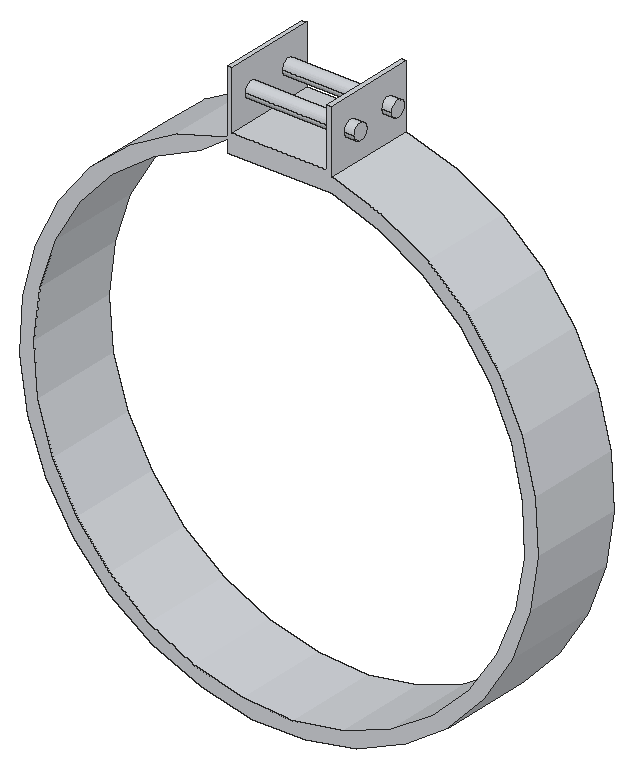
Revit family "9.Хомут SLK", category Оборудование, Revit 2016
Family settings
  Тип детали = Нормальный
  Размер круглого соединителя = Использовать диаметр
  На основе рабочей плоскости = Нет
  Всегда вертикально = Да
  При загрузке вырезать с полостями = Нет
  Общий = Нет
  Точка расчета площади = Нет
Parameters (values of type "315")
  х1 = Д * 0.24  # 79.92 mm
  середина = (Б - Д) / 2  # 18.5 mm
  отступ = 20 mm  # constant formula
  ножки(да/нет) [instance] = no
  Частотный преобразователь [instance] = no
  Тип, марка, обозначение = "SKL 315"
  Силовой кабель/количество = ""
  Сила тока J, А = ""
  Регулятор расхода [instance] = no
  Раздел = "ОВ"
  Примечание = ""
  Позиция = ""
  Напряжение U,В = ""
  Наименование и тех.хар-ка = "Хомут"  # constant formula
  Материал = Сталь серая
  Масса единицы = "0.55 кг"
  Б = 370 mm
  А = 315 mm
  Код, оборудования = ""
  Ключевая пометка = "Вентиляция"
  Задание электрикам [instance] = no
  Задание автоматчикам [instance] = no
  Завод изготовитель = "KORF"  # constant formula
  Единица измерения = "шт."  # constant formula
  Д = 333 mm
  x = Д * 0.2  # 66.6 mm
Types (6, lengths in mm): name | х1 | середина | Тип, марка, обозначение | Масса единицы | Б | А | Д | x
  100 | 28.32 | 15 | "SKL 100" | "0.24 кг" | 148 | 100 | 118 | 23.6
  160 | 42.72 | 17 | "SKL 160" | "0.32 кг" | 212 | 160 | 178 | 35.6
  200 | 52.32 | 17.5 | "SKL 200" | "0.39 кг" | 253 | 200 | 218 | 43.6
  250 | 64.32 | 18 | "SKL 250" | "0.46 кг" | 304 | 250 | 268 | 53.6
  315 | 79.92 | 18.5 | "SKL 315" | "0.55 кг" | 370 | 315 | 333 | 66.6
  125 | 34.8 | 14.5 | "SKL 125" | "0,27 кг" | 174 | 125 | 145 | 29
Reference planes
  plane 1 "По центру (Вперед/Назад)": y = 0
  plane 2: z = 0
  plane 3 "По центру (Влево/Вправо)": x = 0
  plane 4: y = 29.976
  plane 5: y = -29.976
  plane 6: x = -33.3
  plane 7: x = 33.3
  plane 8: z = 166.5
  plane 9: z = -166.5
  plane 10: z = 203.5
  plane 11: x = -30.3
  plane 12: x = 30.3
  plane 13: y = 15
  plane 14: y = -15
  plane 15: z = 185
  plane 16: x = -39.96
  plane 17: x = 39.96
Forms (mm)
  Extrusion 1, void, not visible
    sketch origin (-345, -245, 50) x (0, -1, 0) y (0, 0, -1)
      loop
        line (-477.965, -475) -> (-477.965, -450) -> (-528.913, -450) -> (-528.913, -475) -> (-477.965, -475)
    from -47.452 to 12
  Extrusion 2, solid, not visible
    sketch origin (5, 0, 2.041) x (0, 1, 0) y (0, 0, 1)
      loop
        line (45, 112.959) -> (-45, 112.959) -> (-45, 82.959) -> (45, 82.959) -> (45, 112.959)
    from 0 to -69.911
  Extrusion 3, solid, not visible
    sketch origin (5, -2.888, -8.59) x (0, 0.352122, 0.935954) y (0, -0.935954, 0.352122)
      loop
        line (45, 114.532) -> (-19.8, 114.532) -> (-19.8, 90.2) -> (45, 90.2) -> (45, 114.532)
    from 0 to -69.911
  Sweep 4, solid, not visible
    path origin (5, 0, -1.25) x (0, 1, 0) y (0, 0, 1)
      loop
        line (-45, 97.266) -> (-60.734, 97.266)
        arc (-60.734, 97.266) -> (-72.348, 93.548) -> (-79.645, 83.777) r 20
        line (-79.645, 83.777) -> (-105.929, 7.442)
    profile origin (5, -52.867, 96.016) x (0, 0, -1) y (1, 0, 0)
      loop
        circle (0, -63.75) r 3
  Extrusion 5, solid, not visible
    sketch origin (0, 0, 47.041) x (0, 1, 0) y (0, 0, 1)
      loop
        line (45, 112.959) -> (-45, 112.959) -> (-45, 82.959) -> (45, 82.959) -> (45, 112.959)
    from 0 to -93.323
  Extrusion 6, solid, not visible
    sketch origin (0, -40.257, 23.842) x (0, 0.679881, 0.733322) y (0, -0.733322, 0.679881)
      loop
        line (45, 114.532) -> (-19.8, 114.532) -> (-19.8, 90.2) -> (45, 90.2) -> (45, 114.532)
    from 0 to -93.323
  Sweep 7, solid, not visible
    path origin (0, 0, 43.75) x (0, 1, 0) y (0, 0, 1)
      loop
        line (-45, 97.266) -> (-54.952, 97.266)
        arc (-54.952, 97.266) -> (-71.221, 93.808) -> (-84.677, 84.031) r 40
        line (-84.677, 84.031) -> (-132.472, 30.95)
    profile origin (0, -49.976, 141.016) x (0, 0, -1) y (1, 0, 0)
      loop
        circle (0, -63.75) r 3
  Extrusion 8, solid
    sketch origin (0, 0, 0) x (1, 0, 0) y (0, 0, 1)
      loop
        arc (-33.3, 163.136) -> (0, -166.5) -> (33.3, 163.136) r 166.5
        line (33.3, 163.136) -> (33.3, 203.5) -> (30.3, 203.5) -> (30.3, 166.5) -> (-30.3, 166.5) -> (-30.3, 203.5) -> (-33.3, 203.5) -> (-33.3, 163.136)
      loop
        arc (-50.442, 149.204) -> (8.892, -157.249) -> (33.3, 153.939) r 157.5
        line (33.3, 153.939) -> (-33.3, 153.939) -> (-33.3, 161.966) -> (-50.442, 149.204)
    from -29.976 to 29.976
  Extrusion 9, solid
    sketch origin (0, 0, 0) x (0, 1, 0) y (0, 0, 1)
      loop
        circle (-15, 185) r 5
      loop
        circle (15, 185) r 5
    from -39.96 to 39.96
Cuts and joins
  joined: Extrusion 8, Extrusion 9
Dimensions and locks
  locked: Extrusion 3 sketch curve to Extrusion 3 sketch curve at 24.332
  locked: Extrusion 3 sketch curve to Extrusion 3 sketch curve at 64.8
  locked: Extrusion 2 sketch curve to Extrusion 2 sketch curve at 30
  locked: Extrusion 6 sketch curve to Extrusion 6 sketch curve at 24.332
  locked: Extrusion 6 sketch curve to Extrusion 6 sketch curve at 64.8
  locked: Extrusion 5 sketch curve to Extrusion 5 sketch curve at 30
  equal spacing: plane 4, plane 1 "По центру (Вперед/Назад)", plane 5
  locked: plane 5 to plane 4 at 59.951
  equal spacing: plane 7, plane 3 "По центру (Влево/Вправо)", plane 6
  "x": plane 7 to plane 6
  equal spacing: plane 8, level, plane 9
  "Д": plane 8 to plane 9
  "Б": plane 10 to plane 9
  locked: plane 11 to plane 6 at 3
  locked: plane 7 to plane 12 at 3
  equal spacing: plane 13, plane 1 "По центру (Вперед/Назад)", plane 14
  locked: plane 14 to plane 13 at 30
  "середина": plane 15 to plane 8
  equal spacing: plane 17, plane 3 "По центру (Влево/Вправо)", plane 16
  "х1": plane 17 to plane 16
  "Д": diameter of Extrusion 8 sketch curve
  "А": diameter of Extrusion 8 sketch curve
  aligned and locked: level to plane 2
  aligned and locked: plane 4 to Extrusion 8
  aligned and locked: plane 5 to Extrusion 8
  aligned and locked: plane 8 to Extrusion 8 sketch curve
  aligned and locked: plane 7 to Extrusion 8 sketch curve
  aligned and locked: plane 10 to Extrusion 8 sketch curve
  aligned and locked: plane 6 to Extrusion 8 sketch curve
  aligned and locked: Extrusion 8 sketch curve to plane 10
  aligned and locked: Extrusion 8 sketch curve to plane 11
  aligned and locked: Extrusion 8 sketch curve to plane 12
  aligned and locked: Extrusion 9 to plane 16
  aligned and locked: plane 17 to Extrusion 9
Automatic sketch dimensions
  Extrusion 9 sketch curve to plane 14 = 0 mm
  Extrusion 9 sketch curve to plane 13 = 0 mm
  plane 15 to Extrusion 9 sketch curve = 0 mm  (x2)
  Extrusion 8 sketch curve to Extrusion 8 sketch curve = 0 mm  (x2)
  Extrusion 8 sketch curve to plane 6 = 0 mm
  Extrusion 8 sketch curve to level = 0 mm
  Extrusion 8 sketch curve to plane 3 "По центру (Влево/Вправо)" = 0 mm
  Extrusion 8 sketch curve to plane 7 = 0 mm
  Extrusion 8 sketch curve to plane 16 = 10.482 mm
  Extrusion 8 sketch curve to Extrusion 8 sketch curve = 1.17 mm
  radius of Extrusion 9 sketch curve = 5 mm  (x2)
Nested families
  nested 1: "крепление 15мм" at (-330, 229.965, 495), type "крепление 15мм", not visible
Definition of nested family "крепление 15мм"
  Parameters (values of type "крепление 15мм")
    Материал крепления = none
  Reference planes
    plane 1 "По центру (Вперед/Назад)": y = 0
    plane 2: z = 0
    plane 3 "По центру (Влево/Вправо)": x = 0
  Forms (mm)
    Extrusion 1, solid, material <- "Материал крепления"
      sketch origin (0, 0, 0) x (1, 0, 0) y (0, 1, 0)
        loop
          line (-25, 0) -> (0, 0) -> (0, 18.31) -> (0, 25) -> (-3, 25) -> (-3, 3) -> (-25, 3) -> (-25, 0)
      from 0 to 30
    Extrusion 2, void
      sketch origin (0, 0, 0) x (1, 0, 0) y (0, 1, 0)
        loop
          line (-3, 3) -> (-3, 54.96) -> (-58, 54.96) -> (-58, 3) -> (-3, 3)
      from 0 to 15
  Cuts and joins
    Extrusion 2 cuts Extrusion 1
  Dimensions and locks
    Extrusion 1 sketch curve to Extrusion 1 sketch curve = 3 mm  (x2)
    Extrusion 1 sketch curve to Extrusion 1 sketch curve to plane 3 "По центру (Влево/Вправо)" = 25 mm, 0 mm
    Extrusion 1 sketch curve to Extrusion 1 sketch curve = 25 mm
    aligned and locked: level to plane 2
